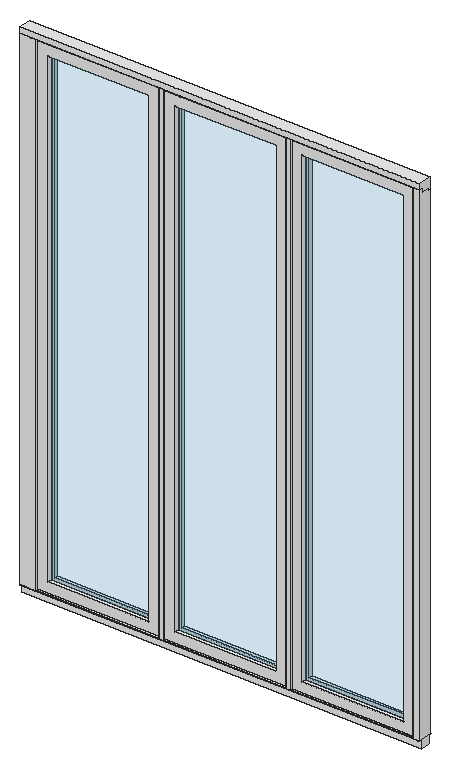
Revit family "Window-NanaWall-SL-73", category Windows, host Wall, Revit 2013 (continued)
Definition of nested family "Right-Jamb_SL-73"
  Definition of nested family "RightJamb_SL73"
    Lines and regions (in)
      model lines, style "DetailComponents", in view "Ref. Level"
        curve 366: line (3.11168, -0.14961, 0) -> (3.11513, -0.14032, 0)
        curve 367: line (3.1069, -0.13806, 0) -> (3.0218, -0.11526, 0)
        curve 368: line (2.99702, -0.13427, 0) -> (2.99702, -0.25591, 0)
        curve 369: line (2.99702, -0.25591, 0) -> (2.20568, -0.25591, 0)
        curve 370: line (2.20568, -0.32677, 0) -> (2.48521, -0.32677, 0)
        curve 371: line (2.48521, -0.32677, 0) -> (2.48521, -0.38583, 0)
        curve 372: line (2.48521, -0.38583, 0) -> (2.41681, -0.39438, 0)
        curve 373: line (2.40647, -0.4061, 0) -> (2.40647, -0.46005, 0)
        curve 374: line (2.41681, -0.47177, 0) -> (2.48521, -0.48031, 0)
        curve 375: line (2.48521, -0.48031, 0) -> (2.48521, -0.53937, 0)
        curve 376: line (2.48521, -0.53937, 0) -> (2.09938, -0.53937, 0)
        curve 377: line (2.08824, -0.5315, 0) -> (2.06395, -0.5315, 0)
        curve 378: line (2.05213, -0.54331, 0) -> (2.05213, -0.57087, 0)
        curve 379: line (2.09151, -0.61024, 0) -> (2.60332, -0.61024, 0)
        curve 380: line (2.60332, -0.61024, 0) -> (2.60332, -1.06685, 0)
        curve 381: line (2.60332, -1.06685, 0) -> (2.66237, -1.08268, 0)
        curve 382: line (2.66237, -1.08268, 0) -> (2.66237, -1.00394, 0)
        curve 383: line (2.66237, -1.00394, 0) -> (2.80017, -1.00394, 0)
        curve 384: line (2.80017, -1.00394, 0) -> (2.80017, -1.20986, 0)
        curve 385: line (2.80017, -1.20986, 0) -> (2.81198, -1.23031, 0)
        curve 386: line (2.81198, -1.23031, 0) -> (2.80017, -1.25077, 0)
        curve 387: line (2.80017, -1.25077, 0) -> (2.80017, -1.50394, 0)
        curve 388: line (2.80017, -1.50394, 0) -> (2.66237, -1.50394, 0)
        curve 389: line (2.66237, -1.50394, 0) -> (2.66237, -1.37795, 0)
        curve 390: line (2.66237, -1.37795, 0) -> (2.60332, -1.39378, 0)
        curve 391: line (2.60332, -1.39378, 0) -> (2.60332, -1.5748, 0)
        curve 392: line (2.60332, -1.5748, 0) -> (3.98127, -1.5748, 0)
        curve 393: line (3.98127, -1.5748, 0) -> (3.98127, -1.43315, 0)
        curve 394: line (3.98127, -1.43315, 0) -> (3.92221, -1.41732, 0)
        curve 395: line (3.92221, -1.41732, 0) -> (3.92221, -1.49606, 0)
        curve 396: line (3.92221, -1.49606, 0) -> (3.78442, -1.49606, 0)
        curve 397: line (3.78442, -1.49606, 0) -> (3.78442, -1.24093, 0)
        curve 398: line (3.78442, -1.24093, 0) -> (3.77261, -1.22047, 0)
        curve 399: line (3.77261, -1.22047, 0) -> (3.78442, -1.20002, 0)
        curve 400: line (3.78442, -1.20002, 0) -> (3.78442, -0.94488, 0)
        curve 401: line (3.78442, -0.94488, 0) -> (3.92221, -0.94488, 0)
        curve 402: line (3.92221, -0.94488, 0) -> (3.92221, -1.02362, 0)
        curve 403: line (3.92221, -1.02362, 0) -> (3.98127, -1.0078, 0)
        curve 404: line (3.98127, -1.0078, 0) -> (3.98127, -0.90945, 0)
        curve 405: line (3.98127, -0.90945, 0) -> (3.93009, -0.85827, 0)
        curve 406: line (3.92404, -0.85827, 0) -> (3.9104, -0.88189, 0)
        curve 407: line (3.9104, -0.88189, 0) -> (3.89676, -0.85827, 0)
        curve 408: line (3.89676, -0.85827, 0) -> (3.86105, -0.85827, 0)
        curve 409: line (3.86105, -0.85827, 0) -> (3.84741, -0.88189, 0)
        curve 410: line (3.84741, -0.88189, 0) -> (3.83377, -0.85827, 0)
        curve 411: line (3.83377, -0.85827, 0) -> (3.79806, -0.85827, 0)
        curve 412: line (3.79806, -0.85827, 0) -> (3.78442, -0.88189, 0)
        curve 413: line (3.78442, -0.88189, 0) -> (3.77078, -0.85827, 0)
        curve 414: line (3.77078, -0.85827, 0) -> (3.73506, -0.85827, 0)
        curve 415: line (3.73506, -0.85827, 0) -> (3.72143, -0.88189, 0)
        curve 416: line (3.72143, -0.88189, 0) -> (3.70779, -0.85827, 0)
        curve 417: line (3.70779, -0.85827, 0) -> (3.67207, -0.85827, 0)
        curve 418: line (3.67207, -0.85827, 0) -> (3.65843, -0.88189, 0)
        curve 419: line (3.65843, -0.88189, 0) -> (3.6448, -0.85827, 0)
        curve 420: line (3.6448, -0.85827, 0) -> (3.60908, -0.85827, 0)
        curve 421: line (3.60908, -0.85827, 0) -> (3.59544, -0.88189, 0)
        curve 422: line (3.59544, -0.88189, 0) -> (3.5818, -0.85827, 0)
        curve 423: line (3.5818, -0.85827, 0) -> (3.56001, -0.85827, 0)
        curve 424: line (3.56001, -0.85827, 0) -> (3.53082, -0.82908, 0)
        curve 425: line (3.51968, -0.82908, 0) -> (3.49049, -0.85827, 0)
        curve 426: line (3.49049, -0.85827, 0) -> (3.4419, -0.85827, 0)
        curve 427: line (3.4419, -0.85827, 0) -> (3.37103, -0.7874, 0)
        curve 428: line (3.37103, -0.7874, 0) -> (3.4419, -0.71654, 0)
        curve 429: line (3.4419, -0.71654, 0) -> (3.49049, -0.71654, 0)
        curve 430: line (3.49049, -0.71654, 0) -> (3.51968, -0.74573, 0)
        curve 431: line (3.53082, -0.74573, 0) -> (3.56001, -0.71654, 0)
        curve 432: line (3.56001, -0.71654, 0) -> (3.6133, -0.71654, 0)
        curve 433: line (3.6133, -0.71654, 0) -> (3.62694, -0.69291, 0)
        curve 434: line (3.62694, -0.69291, 0) -> (3.64058, -0.71654, 0)
        curve 435: line (3.64058, -0.71654, 0) -> (3.67629, -0.71654, 0)
        curve 436: line (3.67629, -0.71654, 0) -> (3.68993, -0.69291, 0)
        curve 437: line (3.68993, -0.69291, 0) -> (3.70357, -0.71654, 0)
        curve 438: line (3.70357, -0.71654, 0) -> (3.73928, -0.71654, 0)
        curve 439: line (3.73928, -0.71654, 0) -> (3.75292, -0.69291, 0)
        curve 440: line (3.75292, -0.69291, 0) -> (3.76656, -0.71654, 0)
        curve 441: line (3.76656, -0.71654, 0) -> (3.80228, -0.71654, 0)
        curve 442: line (3.80228, -0.71654, 0) -> (3.81591, -0.69291, 0)
        curve 443: line (3.81591, -0.69291, 0) -> (3.82955, -0.71654, 0)
        curve 444: line (3.82955, -0.71654, 0) -> (3.86527, -0.71654, 0)
        curve 445: line (3.86527, -0.71654, 0) -> (3.87891, -0.69291, 0)
        curve 446: line (3.87891, -0.69291, 0) -> (3.89254, -0.71654, 0)
        curve 447: line (3.89254, -0.71654, 0) -> (3.93009, -0.71654, 0)
        curve 448: line (3.93009, -0.71654, 0) -> (3.98127, -0.66535, 0)
        curve 449: line (3.98127, -0.66535, 0) -> (3.98127, -0.2874, 0)
        curve 450: line (3.94977, -0.25591, 0) -> (3.94977, -0.13427, 0)
        curve 451: line (3.32927, -0.82916, 0) -> (3.34446, -0.84435, 0)
        curve 452: line (3.33054, -0.87795, 0) -> (3.12694, -0.87795, 0)
        curve 453: line (3.06788, -0.93701, 0) -> (3.06788, -0.97638, 0)
        curve 454: line (3.10725, -1.01575, 0) -> (3.12694, -1.01575, 0)
        curve 455: line (3.12694, -1.01575, 0) -> (3.12694, -0.93701, 0)
        curve 456: line (3.12694, -0.93701, 0) -> (3.71355, -0.93701, 0)
        curve 457: line (3.71355, -0.93701, 0) -> (3.71355, -1.49606, 0)
        curve 458: line (3.71355, -1.49606, 0) -> (3.12694, -1.49606, 0)
        curve 459: line (3.12694, -1.49606, 0) -> (3.12694, -1.41732, 0)
        curve 460: line (3.12694, -1.41732, 0) -> (3.10725, -1.41732, 0)
        curve 461: line (3.06788, -1.45669, 0) -> (3.06788, -1.49606, 0)
        curve 462: line (3.06788, -1.49606, 0) -> (2.87103, -1.49606, 0)
        curve 463: line (2.87103, -1.49606, 0) -> (2.87103, -1.00394, 0)
        curve 464: line (2.80017, -0.93307, 0) -> (2.67418, -0.93307, 0)
        curve 465: line (2.67418, -0.93307, 0) -> (2.67418, -0.61024, 0)
        curve 466: line (2.60332, -0.53937, 0) -> (2.55607, -0.53937, 0)
        curve 467: line (2.55607, -0.53937, 0) -> (2.55607, -0.32677, 0)
        curve 468: line (2.55607, -0.32677, 0) -> (3.9104, -0.32677, 0)
        curve 469: line (3.9104, -0.32677, 0) -> (3.9104, -0.63386, 0)
        curve 470: line (3.9104, -0.63386, 0) -> (3.59284, -0.63386, 0)
        curve 471: line (3.59284, -0.63386, 0) -> (3.5792, -0.65748, 0)
        curve 472: line (3.5792, -0.65748, 0) -> (3.41744, -0.65748, 0)
        curve 473: line (3.41744, -0.65748, 0) -> (3.32927, -0.74564, 0)
        curve 474: line (3.95273, 0.32328, 0) -> (3.95273, -0.04769, 0)
        curve 475: line (3.88186, 0.00914, 0) -> (3.88186, 0.26645, 0)
        curve 476: line (3.87595, 0.52362, 0) -> (3.87595, 0.50236, 0)
        curve 477: line (3.87595, 0.50236, 0) -> (3.83166, 0.42565, 0)
        curve 478: line (3.83166, -0.15006, 0) -> (3.87595, -0.22677, 0)
        curve 479: line (3.87595, -0.22677, 0) -> (3.87595, -0.24803, 0)
        curve 480: line (3.88966, 0.51969, 0) -> (3.83166, 0.42565, 0)
        curve 481: line (3.83166, 0.42565, 0) -> (3.83166, 0.41591, 0)
        curve 482: line (3.70863, -0.24803, 0) -> (3.70863, -0.22677, 0)
        curve 483: line (3.70863, -0.22677, 0) -> (3.75292, -0.15006, 0)
        curve 484: line (3.75292, 0.38636, 0) -> (3.75292, 0.42565, 0)
        curve 485: line (3.75292, 0.42565, 0) -> (3.70863, 0.50236, 0)
        curve 486: line (3.70863, 0.50236, 0) -> (3.70863, 0.52362, 0)
        curve 487: line (3.84151, 0.39886, 0) -> (3.94288, 0.34033, 0)
        curve 488: line (3.86217, 0.30055, 0) -> (3.77261, 0.35226, 0)
        curve 489: line (3.71651, 0.5315, 0) -> (3.86808, 0.5315, 0)
        curve 490: line (3.86808, -0.25591, 0) -> (3.71651, -0.25591, 0)
        curve 491: line (3.77261, -0.07667, 0) -> (3.86217, -0.02496, 0)
        curve 492: line (3.94288, -0.06474, 0) -> (3.84151, -0.12327, 0)
        curve 493: line (3.23816, 0.52362, 0) -> (3.23816, 0.50236, 0)
        curve 494: line (3.23816, 0.50236, 0) -> (3.19387, 0.42565, 0)
        curve 495: line (3.19387, 0.42565, 0) -> (3.25187, 0.51969, 0)
        curve 496: line (3.19387, -0.15006, 0) -> (3.23816, -0.22677, 0)
        curve 497: line (3.23816, -0.22677, 0) -> (3.23816, -0.24803, 0)
        curve 498: line (3.19387, 0.42565, 0) -> (3.19387, 0.38636, 0)
        curve 499: line (3.07084, -0.24803, 0) -> (3.07084, -0.22677, 0)
        curve 500: line (3.07084, -0.22677, 0) -> (3.11513, -0.15006, 0)
        curve 501: line (3.11513, 0.41591, 0) -> (3.11513, 0.42565, 0)
        curve 502: line (3.11513, 0.42565, 0) -> (3.07084, 0.50236, 0)
        curve 503: line (3.07084, 0.50236, 0) -> (3.07084, 0.52362, 0)
        curve 504: line (3.06493, 0.26645, 0) -> (3.06493, 0.00914, 0)
        curve 505: line (2.99406, -0.04769, 0) -> (2.99406, 0.32328, 0)
        curve 506: line (3.07871, 0.5315, 0) -> (3.23028, 0.5315, 0)
        curve 507: line (3.08462, -0.02496, 0) -> (3.17418, -0.07667, 0)
        curve 508: line (3.10528, -0.12327, 0) -> (3.00391, -0.06474, 0)
        curve 509: line (3.23028, -0.25591, 0) -> (3.07871, -0.25591, 0)
        curve 510: line (3.00391, 0.34033, 0) -> (3.10528, 0.39886, 0)
        curve 511: line (3.17418, 0.35226, 0) -> (3.08462, 0.30055, 0)
        curve 512: line (3.51968, 0.82908, 0) -> (3.49049, 0.85827, 0)
        curve 513: line (3.49049, 0.85827, 0) -> (3.4419, 0.85827, 0)
        curve 514: line (3.4419, 0.85827, 0) -> (3.37103, 0.7874, 0)
        curve 515: line (3.37103, 0.7874, 0) -> (3.4419, 0.71654, 0)
        curve 516: line (3.4419, 0.71654, 0) -> (3.49049, 0.71654, 0)
        curve 517: line (3.49049, 0.71654, 0) -> (3.51968, 0.74573, 0)
        curve 518: line (3.53082, 0.74573, 0) -> (3.56001, 0.71654, 0)
        curve 519: line (3.56001, 0.71654, 0) -> (3.6133, 0.71654, 0)
        curve 520: line (3.6133, 0.71654, 0) -> (3.62694, 0.69291, 0)
        curve 521: line (3.62694, 0.69291, 0) -> (3.64058, 0.71654, 0)
        curve 522: line (3.64058, 0.71654, 0) -> (3.67629, 0.71654, 0)
        curve 523: line (3.67629, 0.71654, 0) -> (3.68993, 0.69291, 0)
        curve 524: line (3.68993, 0.69291, 0) -> (3.70357, 0.71654, 0)
        curve 525: line (3.70357, 0.71654, 0) -> (3.73928, 0.71654, 0)
        curve 526: line (3.73928, 0.71654, 0) -> (3.75292, 0.69291, 0)
        curve 527: line (3.75292, 0.69291, 0) -> (3.76656, 0.71654, 0)
        curve 528: line (3.76656, 0.71654, 0) -> (3.80228, 0.71654, 0)
        curve 529: line (3.80228, 0.71654, 0) -> (3.81591, 0.69291, 0)
        curve 530: line (3.81591, 0.69291, 0) -> (3.82955, 0.71654, 0)
        curve 531: line (3.82955, 0.71654, 0) -> (3.86527, 0.71654, 0)
        curve 532: line (3.86527, 0.71654, 0) -> (3.87891, 0.69291, 0)
        curve 533: line (3.87891, 0.69291, 0) -> (3.89254, 0.71654, 0)
        curve 534: line (3.89254, 0.71654, 0) -> (3.93009, 0.71654, 0)
        curve 535: line (3.93009, 0.71654, 0) -> (3.98127, 0.66535, 0)
        curve 536: line (3.98127, 0.66535, 0) -> (3.98127, 0.56299, 0)
        curve 537: line (3.94977, 0.5315, 0) -> (3.94977, 0.40987, 0)
        curve 538: line (3.92499, 0.39085, 0) -> (3.83989, 0.41365, 0)
        curve 539: line (3.88284, 0.5315, 0) -> (3.70174, 0.5315, 0)
        curve 540: line (3.69492, 0.51969, 0) -> (3.74947, 0.4252, 0)
        curve 541: line (3.74266, 0.41339, 0) -> (3.6881, 0.41339, 0)
        curve 542: line (3.65401, 0.43307, 0) -> (3.59718, 0.5315, 0)
        curve 543: line (3.59718, 0.5315, 0) -> (3.34961, 0.5315, 0)
        curve 544: line (3.34961, 0.5315, 0) -> (3.29278, 0.43307, 0)
        curve 545: line (3.25869, 0.41339, 0) -> (3.20413, 0.41339, 0)
        curve 546: line (3.24505, 0.5315, 0) -> (3.06395, 0.5315, 0)
        curve 547: line (3.05713, 0.51969, 0) -> (3.11168, 0.4252, 0)
        curve 548: line (3.1069, 0.41365, 0) -> (3.0218, 0.39085, 0)
        curve 549: line (2.99702, 0.40987, 0) -> (2.99702, 0.5315, 0)
        curve 550: line (2.99702, 0.5315, 0) -> (2.20568, 0.5315, 0)
        curve 551: line (2.20568, 0.60236, 0) -> (2.48521, 0.60236, 0)
        curve 552: line (2.48521, 0.60236, 0) -> (2.48521, 0.66142, 0)
        curve 553: line (2.48521, 0.66142, 0) -> (2.41681, 0.66997, 0)
        curve 554: line (2.40647, 0.68169, 0) -> (2.40647, 0.73564, 0)
        curve 555: line (2.41681, 0.74736, 0) -> (2.48521, 0.75591, 0)
        curve 556: line (2.48521, 0.75591, 0) -> (2.48521, 0.81496, 0)
        curve 557: line (2.48521, 0.81496, 0) -> (2.09938, 0.81496, 0)
        curve 558: line (2.08824, 0.80709, 0) -> (2.06395, 0.80709, 0)
        curve 559: line (2.05213, 0.8189, 0) -> (2.05213, 0.84646, 0)
        curve 560: line (2.09151, 0.88583, 0) -> (3.06788, 0.88583, 0)
        curve 561: line (3.06788, 0.88583, 0) -> (3.06788, 1.04253, 0)
        curve 562: line (3.06788, 1.04253, 0) -> (3.07969, 1.06299, 0)
        curve 563: line (3.07969, 1.06299, 0) -> (3.06788, 1.08345, 0)
        curve 564: line (3.06788, 1.08345, 0) -> (3.06788, 1.49606, 0)
        curve 565: line (3.06788, 1.49606, 0) -> (2.06395, 1.49606, 0)
        curve 566: line (2.06395, 1.49606, 0) -> (2.06395, 1.42913, 0)
        curve 567: line (2.00489, 1.37008, 0) -> (1.92615, 1.37008, 0)
        curve 568: line (1.92615, 1.37008, 0) -> (1.92615, 1.40945, 0)
        curve 569: line (1.92615, 1.40945, 0) -> (2.00489, 1.40945, 0)
        curve 570: line (2.00489, 1.40945, 0) -> (2.00489, 1.49606, 0)
        curve 571: line (2.00489, 1.49606, 0) -> (1.61906, 1.49606, 0)
        curve 572: line (1.50155, 1.38976, 0) -> (1.59938, 1.38976, 0)
        curve 573: line (1.59938, 1.38976, 0) -> (1.59938, 1.40945, 0)
        curve 574: line (1.59938, 1.40945, 0) -> (1.65843, 1.40945, 0)
        curve 575: line (1.65843, 1.40945, 0) -> (1.65843, 1.38976, 0)
        curve 576: line (1.71749, 1.33071, 0) -> (1.71749, 1.27953, 0)
        curve 577: line (1.67812, 1.24016, 0) -> (1.65056, 1.24016, 0)
        curve 578: line (1.63088, 1.25984, 0) -> (1.63088, 1.27953, 0)
        curve 579: line (1.63088, 1.27953, 0) -> (1.67812, 1.27953, 0)
        curve 580: line (1.67812, 1.27953, 0) -> (1.67812, 1.33071, 0)
        curve 581: line (1.67812, 1.33071, 0) -> (1.46158, 1.33071, 0)
        curve 582: line (1.46158, 1.33071, 0) -> (1.46158, 1.27953, 0)
        curve 583: line (1.46158, 1.27953, 0) -> (1.50883, 1.27953, 0)
        curve 584: line (1.50883, 1.27953, 0) -> (1.50883, 1.25984, 0)
        curve 585: line (1.48914, 1.24016, 0) -> (1.42221, 1.24016, 0)
        curve 586: line (1.42221, 1.24016, 0) -> (1.42221, 1.37795, 0)
        curve 587: line (1.61906, 1.5748, 0) -> (3.98127, 1.5748, 0)
        curve 588: line (3.98127, 1.5748, 0) -> (3.98127, 1.45675, 0)
        curve 589: line (3.98127, 1.45675, 0) -> (3.92221, 1.44093, 0)
        curve 590: line (3.92221, 1.44093, 0) -> (3.92221, 1.51967, 0)
        curve 591: line (3.92221, 1.51967, 0) -> (3.78442, 1.51967, 0)
        curve 592: line (3.78442, 1.51967, 0) -> (3.78442, 1.24093, 0)
        curve 593: line (3.78442, 1.24093, 0) -> (3.77261, 1.22047, 0)
        curve 594: line (3.77261, 1.22047, 0) -> (3.78442, 1.20002, 0)
        curve 595: line (3.78442, 1.20002, 0) -> (3.78442, 0.94488, 0)
        curve 596: line (3.78442, 0.94488, 0) -> (3.92221, 0.94488, 0)
        curve 597: line (3.92221, 0.94488, 0) -> (3.92221, 1.02362, 0)
        curve 598: line (3.92221, 1.02362, 0) -> (3.98127, 1.0078, 0)
        curve 599: line (3.98127, 1.0078, 0) -> (3.98127, 0.90945, 0)
        curve 600: line (3.98127, 0.90945, 0) -> (3.93009, 0.85827, 0)
        curve 601: line (3.92404, 0.85827, 0) -> (3.9104, 0.88189, 0)
        curve 602: line (3.9104, 0.88189, 0) -> (3.89676, 0.85827, 0)
        curve 603: line (3.89676, 0.85827, 0) -> (3.86105, 0.85827, 0)
        curve 604: line (3.86105, 0.85827, 0) -> (3.84741, 0.88189, 0)
        curve 605: line (3.84741, 0.88189, 0) -> (3.83377, 0.85827, 0)
        curve 606: line (3.83377, 0.85827, 0) -> (3.79806, 0.85827, 0)
        curve 607: line (3.79806, 0.85827, 0) -> (3.78442, 0.88189, 0)
        curve 608: line (3.78442, 0.88189, 0) -> (3.77078, 0.85827, 0)
        curve 609: line (3.77078, 0.85827, 0) -> (3.73506, 0.85827, 0)
        curve 610: line (3.73506, 0.85827, 0) -> (3.72143, 0.88189, 0)
        curve 611: line (3.72143, 0.88189, 0) -> (3.70779, 0.85827, 0)
        curve 612: line (3.70779, 0.85827, 0) -> (3.67207, 0.85827, 0)
        curve 613: line (3.67207, 0.85827, 0) -> (3.65843, 0.88189, 0)
        curve 614: line (3.65843, 0.88189, 0) -> (3.6448, 0.85827, 0)
        curve 615: line (3.6448, 0.85827, 0) -> (3.60908, 0.85827, 0)
        curve 616: line (3.60908, 0.85827, 0) -> (3.59544, 0.88189, 0)
        curve 617: line (3.59544, 0.88189, 0) -> (3.5818, 0.85827, 0)
        curve 618: line (3.5818, 0.85827, 0) -> (3.56001, 0.85827, 0)
        curve 619: line (3.56001, 0.85827, 0) -> (3.53082, 0.82908, 0)
        curve 620: line (0.88499, -0.40292, 0) -> (1.01885, -0.40292, 0)
        curve 621: line (1.01885, -0.40292, 0) -> (0.88499, -0.40292, 0)
        curve 622: line (0.88499, -0.40292, 0) -> (0.85039, -0.40292, 0)
        curve 623: line (0.88499, 0.54196, 0) -> (1.01885, 0.54196, 0)
        curve 624: line (0.86924, -0.38717, 0) -> (0.86924, -0.373, 0)
        curve 625: line (0.86924, -0.373, 0) -> (0.88358, -0.34817, 0)
        curve 626: line (0.88358, -0.34817, 0) -> (0.89621, -0.3263, 0)
        curve 627: line (0.89792, -0.32332, 0) -> (0.90236, -0.31563, 0)
        curve 628: line (0.90236, -0.31563, 0) -> (0.90622, -0.30895, 0)
        curve 629: line (0.91255, -0.28533, 0) -> (0.91255, 0.42437, 0)
        curve 630: line (0.90622, 0.44799, 0) -> (0.90236, 0.45467, 0)
        curve 631: line (0.90236, 0.45467, 0) -> (0.89792, 0.46236, 0)
        curve 632: line (0.89621, 0.46534, 0) -> (0.88358, 0.48721, 0)
        curve 633: line (0.88358, 0.48721, 0) -> (0.86924, 0.51204, 0)
        curve 634: line (0.86924, 0.51204, 0) -> (0.86924, 0.52621, 0)
        curve 635: line (1.00868, 0.45928, 0) -> (1.0346, 0.51204, 0)
        curve 636: line (1.0346, 0.51204, 0) -> (1.0346, 0.52621, 0)
        curve 637: line (0.99762, 0.44799, 0) -> (1.00527, 0.46125, 0)
        curve 638: line (1.00527, 0.46125, 0) -> (1.0346, 0.51204, 0)
        curve 639: line (1.03937, 0.51243, 0) -> (1.03937, 0.54196, 0)
        curve 640: line (1.03937, 0.54196, 0) -> (1.01885, 0.54196, 0)
        curve 641: line (1.01885, 0.54196, 0) -> (0.88499, 0.54196, 0)
        curve 642: line (0.88499, 0.54196, 0) -> (0.85039, 0.54196, 0)
        curve 643: line (0.99129, -0.28533, 0) -> (0.99129, 0.42437, 0)
        curve 644: line (1.0346, -0.38717, 0) -> (1.0346, -0.373, 0)
        curve 645: line (1.0346, -0.373, 0) -> (1.00527, -0.32221, 0)
        curve 646: line (1.00527, -0.32221, 0) -> (0.99762, -0.30895, 0)
        curve 647: line (1.61501, -0.40292, 0) -> (1.48115, -0.40292, 0)
        curve 648: line (1.61501, 0.54196, 0) -> (1.48115, 0.54196, 0)
        curve 649: line (1.48115, 0.54196, 0) -> (1.61501, 0.54196, 0)
        curve 650: line (1.61501, 0.54196, 0) -> (1.64961, 0.54196, 0)
        curve 651: line (1.4654, -0.38717, 0) -> (1.4654, -0.373, 0)
        curve 652: line (1.4654, -0.373, 0) -> (1.49473, -0.32221, 0)
        curve 653: line (1.49473, -0.32221, 0) -> (1.49813, -0.31631, 0)
        curve 654: line (1.49813, -0.31631, 0) -> (1.50238, -0.30895, 0)
        curve 655: line (1.50871, -0.28533, 0) -> (1.50871, 0.42437, 0)
        curve 656: line (1.50238, 0.44799, 0) -> (1.49473, 0.46125, 0)
        curve 657: line (1.49473, 0.46125, 0) -> (1.4654, 0.51204, 0)
        curve 658: line (1.4654, 0.51204, 0) -> (1.4654, 0.52621, 0)
        curve 659: line (1.59378, 0.44799, 0) -> (1.59764, 0.45467, 0)
        curve 660: line (1.59764, 0.45467, 0) -> (1.60208, 0.46236, 0)
        curve 661: line (1.60379, 0.46534, 0) -> (1.61642, 0.48721, 0)
        curve 662: line (1.61642, 0.48721, 0) -> (1.63076, 0.51204, 0)
        curve 663: line (1.63076, 0.51204, 0) -> (1.63076, 0.52621, 0)
        curve 664: line (1.58745, -0.28533, 0) -> (1.58745, 0.42437, 0)
        curve 665: line (1.63076, -0.38717, 0) -> (1.63076, -0.373, 0)
        curve 666: line (1.63076, -0.373, 0) -> (1.61642, -0.34817, 0)
        curve 667: line (1.61642, -0.34817, 0) -> (1.60379, -0.3263, 0)
        curve 668: line (1.60208, -0.32332, 0) -> (1.59764, -0.31563, 0)
        curve 669: line (1.59764, -0.31563, 0) -> (1.59378, -0.30895, 0)
        curve 670: line (1.05118, 0.44353, 0) -> (1.00868, 0.44353, 0)
        curve 671: line (0.87794, 0.48396, 0) -> (0.89057, 0.46208, 0)
        curve 672: line (0.89655, 0.44766, 0) -> (0.84145, 0.4329, 0)
        curve 673: line (0.8327, 0.42149, 0) -> (0.8327, 0.36479, 0)
        curve 674: line (0.8327, 0.36479, 0) -> (0.82483, 0.36479, 0)
        curve 675: line (0.78987, 0.41055, 0) -> (0.78214, 0.41828, 0)
        curve 676: line (0.78214, 0.41828, 0) -> (0.78842, 0.52238, 0)
        curve 677: line (0.83654, 0.69917, 0) -> (0.7874, 0.686, 0)
        curve 678: line (0.7874, 0.686, 0) -> (0.7874, 0.53895, 0)
        curve 679: line (0.27559, 1.1207, 0) -> (0.7874, 1.1207, 0)
        curve 680: line (0.7874, 1.1207, 0) -> (0.7874, 0.9829, 0)
        curve 681: line (0.7874, 0.9829, 0) -> (0.82677, 0.9829, 0)
        curve 682: line (0.82677, 0.9829, 0) -> (0.84646, 1.1207, 0)
        curve 683: line (0.84646, 1.1207, 0) -> (0.98031, 1.1207, 0)
        curve 684: line (0.98031, 1.1207, 0) -> (0.98031, 0.6207, 0)
        curve 685: line (0.98031, 0.6207, 0) -> (0.84646, 0.6207, 0)
        curve 686: line (0.84646, 0.6207, 0) -> (0.84646, 0.69157, 0)
        curve 687: line (0.09072, 0.90416, 0) -> (0.40551, 0.90416, 0)
        curve 688: line (0.46457, 0.84511, 0) -> (0.46457, 0.76637, 0)
        curve 689: line (0.09843, 0.71913, 0) -> (0, 0.71913, 0)
        curve 690: line (0, 0.71913, 0) -> (0, 0.91598, 0)
        curve 691: line (0.27559, 1.19157, 0) -> (1.7126, 1.19157, 0)
        curve 692: line (1.66346, 0.99498, 0) -> (1.7126, 1.00815, 0)
        curve 693: line (1.65354, 0.69157, 0) -> (1.65354, 0.6207, 0)
        curve 694: line (1.65354, 0.6207, 0) -> (1.51969, 0.6207, 0)
        curve 695: line (1.51969, 0.6207, 0) -> (1.51969, 1.1207, 0)
        curve 696: line (1.51969, 1.1207, 0) -> (1.65354, 1.1207, 0)
        curve 697: line (1.65354, 1.1207, 0) -> (1.65354, 1.00259, 0)
        curve 698: line (1.7126, 0.53895, 0) -> (1.7126, 0.686, 0)
        curve 699: line (1.7126, 0.686, 0) -> (1.66346, 0.69917, 0)
        curve 700: line (1.71158, 0.52238, 0) -> (1.72014, 0.42454, 0)
        curve 701: line (1.72014, 0.42454, 0) -> (1.71013, 0.41055, 0)
        curve 702: line (1.67517, 0.36479, 0) -> (1.6673, 0.36479, 0)
        curve 703: line (1.6673, 0.36479, 0) -> (1.6673, 0.42149, 0)
        curve 704: line (1.65855, 0.4329, 0) -> (1.60345, 0.44766, 0)
        curve 705: line (1.60943, 0.46208, 0) -> (1.62206, 0.48396, 0)
        curve 706: line (1.48115, 0.54196, 0) -> (1.46063, 0.54196, 0)
        curve 707: line (1.46063, 0.54196, 0) -> (1.46063, 0.51243, 0)
        curve 708: line (1.46199, 0.51007, 0) -> (1.49132, 0.45928, 0)
        curve 709: line (1.49132, 0.44353, 0) -> (1.44882, 0.44353, 0)
        curve 710: line (1.38189, 0.51046, 0) -> (1.38189, 0.54196, 0)
        curve 711: line (1.38189, 0.54196, 0) -> (1.11811, 0.54196, 0)
        curve 712: line (1.11811, 0.54196, 0) -> (1.11811, 0.51046, 0)
        curve 713: line (1.45276, 0.6207, 0) -> (1.04724, 0.6207, 0)
        curve 714: line (1.04724, 0.6207, 0) -> (1.04724, 1.1207, 0)
        curve 715: line (1.04724, 1.1207, 0) -> (1.45276, 1.1207, 0)
        curve 716: line (1.45276, 1.1207, 0) -> (1.45276, 0.6207, 0)
        curve 717: line (0.83654, -0.56013, 0) -> (0.7874, -0.54697, 0)
        curve 718: line (0.7874, -0.54697, 0) -> (0.7874, -0.39991, 0)
        curve 719: line (1.7126, -0.39991, 0) -> (1.7126, -0.44229, 0)
        curve 720: line (1.60943, -0.32305, 0) -> (1.62206, -0.34492, 0)
        curve 721: line (1.65855, -0.29386, 0) -> (1.60345, -0.30862, 0)
        curve 722: line (1.67517, -0.22576, 0) -> (1.6673, -0.22576, 0)
        curve 723: line (1.6673, -0.22576, 0) -> (1.6673, -0.28245, 0)
        curve 724: line (1.71158, -0.38334, 0) -> (1.71786, -0.27924, 0)
        curve 725: line (1.71786, -0.27924, 0) -> (1.71013, -0.27151, 0)
        curve 726: line (1.67323, -0.48166, 0) -> (1.51969, -0.48166, 0)
        curve 727: line (1.51969, -0.48166, 0) -> (1.51969, -0.73757, 0)
        curve 728: line (1.51969, -0.73757, 0) -> (1.7874, -0.73757, 0)
        curve 729: line (2.00394, -0.75725, 0) -> (2.00394, -0.77694, 0)
        curve 730: line (2.00394, -0.77694, 0) -> (2.04331, -0.77694, 0)
        curve 731: line (2.04331, -0.77694, 0) -> (2.04331, -0.93442, 0)
        curve 732: line (2.04331, -0.93442, 0) -> (1.76772, -0.93442, 0)
        curve 733: line (1.76772, -0.93442, 0) -> (1.76772, -0.77694, 0)
        curve 734: line (1.76772, -0.77694, 0) -> (1.80709, -0.77694, 0)
        curve 735: line (1.80709, -0.77694, 0) -> (1.80709, -0.75885, 0)
        curve 736: line (2.02362, -0.73757, 0) -> (2.07087, -0.73757, 0)
        curve 737: line (2.11024, -0.77694, 0) -> (2.11024, -0.93442, 0)
        curve 738: line (2.11024, -0.93442, 0) -> (2.25619, -0.93442, 0)
        curve 739: line (2.25401, -1.07194, 0) -> (2.30315, -1.05878, 0)
        curve 740: line (2.30315, -1.05878, 0) -> (2.29541, -0.97036, 0)
        curve 741: line (2.24409, -1.37536, 0) -> (2.24409, -1.49347, 0)
        curve 742: line (2.24409, -1.49347, 0) -> (2.11024, -1.49347, 0)
        curve 743: line (2.11024, -1.49347, 0) -> (2.11024, -0.99347, 0)
        curve 744: line (2.11024, -0.99347, 0) -> (2.24409, -0.99347, 0)
        curve 745: line (2.24409, -0.99347, 0) -> (2.24409, -1.06434, 0)
        curve 746: line (2.30315, -1.38093, 0) -> (2.25401, -1.36776, 0)
        curve 747: line (2.30315, -1.56434, 0) -> (0.7874, -1.56434, 0)
        curve 748: line (0.7874, -1.56434, 0) -> (0.7874, -1.42268, 0)
        curve 749: line (0.7874, -1.42268, 0) -> (0.84646, -1.40686, 0)
        curve 750: line (0.84646, -1.40686, 0) -> (0.84646, -1.4856, 0)
        curve 751: line (0.84646, -1.4856, 0) -> (0.98425, -1.4856, 0)
        curve 752: line (0.98425, -1.4856, 0) -> (0.98425, -0.93442, 0)
        curve 753: line (0.98425, -0.93442, 0) -> (0.84646, -0.93442, 0)
        curve 754: line (0.84646, -0.93442, 0) -> (0.84646, -1.01316, 0)
        curve 755: line (0.84646, -1.01316, 0) -> (0.7874, -0.99733, 0)
        curve 756: line (0.7874, -0.99733, 0) -> (0.7874, -0.81006, 0)
        curve 757: line (0.7874, -0.81006, 0) -> (0.83654, -0.79689, 0)
        curve 758: line (0.84646, -0.55253, 0) -> (0.84646, -0.48166, 0)
        curve 759: line (0.84646, -0.48166, 0) -> (0.98031, -0.48166, 0)
        curve 760: line (0.98031, -0.48166, 0) -> (0.98031, -0.87536, 0)
        curve 761: line (0.98031, -0.87536, 0) -> (0.84646, -0.87536, 0)
        curve 762: line (0.84646, -0.87536, 0) -> (0.84646, -0.8045, 0)
        curve 763: line (0.78842, -0.38334, 0) -> (0.77986, -0.2855, 0)
        curve 764: line (0.77986, -0.2855, 0) -> (0.78987, -0.27151, 0)
        curve 765: line (0.82483, -0.22576, 0) -> (0.8327, -0.22576, 0)
        curve 766: line (0.8327, -0.22576, 0) -> (0.8327, -0.28245, 0)
        curve 767: line (0.84145, -0.29386, 0) -> (0.89655, -0.30862, 0)
        curve 768: line (0.89057, -0.32305, 0) -> (0.87794, -0.34492, 0)
        curve 769: line (1.01885, -0.40292, 0) -> (1.03937, -0.40292, 0)
        curve 770: line (1.03937, -0.40292, 0) -> (1.03937, -0.37339, 0)
        curve 771: line (1.03801, -0.37103, 0) -> (1.00868, -0.32024, 0)
        curve 772: line (1.00868, -0.3045, 0) -> (1.05118, -0.3045, 0)
        curve 773: line (1.11811, -0.37143, 0) -> (1.11811, -0.40292, 0)
        curve 774: line (1.11811, -0.40292, 0) -> (1.38189, -0.40292, 0)
        curve 775: line (1.38189, -0.40292, 0) -> (1.38189, -0.37143, 0)
        curve 776: line (1.49132, -0.3045, 0) -> (1.44882, -0.3045, 0)
        curve 777: line (1.49132, -0.32024, 0) -> (1.46063, -0.37339, 0)
        curve 778: line (1.46199, -0.37103, 0) -> (1.46063, -0.40292, 0)
        curve 779: line (1.46063, -0.40292, 0) -> (1.48115, -0.40292, 0)
        curve 780: line (1.48115, -0.40292, 0) -> (1.61501, -0.40292, 0)
        curve 781: line (1.61501, -0.40292, 0) -> (1.64961, -0.40292, 0)
        curve 782: line (1.76772, -1.00135, 0) -> (2.04331, -1.00135, 0)
        curve 783: line (2.04331, -1.00135, 0) -> (2.04331, -1.49347, 0)
        curve 784: line (2.04331, -1.49347, 0) -> (1.51969, -1.49347, 0)
        curve 785: line (1.51969, -1.49347, 0) -> (1.51969, -1.4541, 0)
        curve 786: line (1.51969, -0.8045, 0) -> (1.70079, -0.8045, 0)
        curve 787: line (1.70079, -0.8045, 0) -> (1.70079, -0.93442, 0)
        curve 788: line (1.48031, -1.41473, 0) -> (1.45276, -1.41473, 0)
        curve 789: line (1.45276, -1.41473, 0) -> (1.45276, -1.49347, 0)
        curve 790: line (1.45276, -1.49347, 0) -> (1.04724, -1.49347, 0)
        curve 791: line (1.04724, -1.49347, 0) -> (1.04724, -0.48166, 0)
        curve 792: line (1.04724, -0.48166, 0) -> (1.45276, -0.48166, 0)
        curve 793: line (1.45276, -0.48166, 0) -> (1.45276, -0.73757, 0)
        curve 794: line (0.41732, 0.7585, 0) -> (0.37795, 0.7585, 0)
        curve 795: line (0.37795, 0.7585, 0) -> (0.37795, 0.71913, 0)
        curve 796: line (0.41732, 0.71913, 0) -> (0.37795, 0.71913, 0)
        curve 797: line (0.37795, 0.71913, 0) -> (0.37795, 0.7585, 0)
        curve 798: line (0.37795, 0.7585, 0) -> (0.41732, 0.7585, 0)
        curve 799: line (0.41732, 0.7585, 0) -> (0.41732, 0.83724, 0)
        curve 800: line (0.41732, 0.83724, 0) -> (0.05906, 0.83724, 0)
        curve 801: line (0.05906, 0.83724, 0) -> (0.05906, 0.7585, 0)
        curve 802: line (0.05906, 0.7585, 0) -> (0.09843, 0.7585, 0)
        curve 803: line (0.09843, 0.7585, 0) -> (0.09843, 0.71913, 0)
        curve 804: line (0.09843, 0.71913, 0) -> (0.09843, 0.7585, 0)
        curve 805: line (0.09843, 0.7585, 0) -> (0.05906, 0.7585, 0)
        curve 806: line (0.68898, 0.52238, 0) -> (0.68898, -0.13903, 0)
        curve 807: line (0.68898, 0.6149, 0) -> (0.7874, -0.72733, 0)
        curve 808: line (0.7874, -0.72733, 0) -> (0.7874, 0.6149, 0)
        curve 809: line (0.7874, 0.6149, 0) -> (0.68898, 0.6149, 0)
        curve 810: line (0.68898, 0.6149, 0) -> (0.68898, -0.1919, 0)
        curve 811: line (0.68898, -0.1919, 0) -> (0.68898, -0.72733, 0)
        curve 812: line (0.68898, -0.72733, 0) -> (0.7874, 0.6149, 0)
        curve 813: line (0.7874, -0.72733, 0) -> (0.68898, -0.72733, 0)
        curve 814: line (0.58525, 0.48678, 0) -> (0.53153, 0.54049, 0)
        curve 815: line (0.51032, 0.54049, 0) -> (0.45661, 0.48678, 0)
        curve 816: line (0.43539, 0.48678, 0) -> (0.38168, 0.54049, 0)
        curve 817: line (0.36047, 0.54049, 0) -> (0.30676, 0.48678, 0)
        curve 818: line (0.28554, 0.48678, 0) -> (0.23183, 0.54049, 0)
        curve 819: line (0.21062, 0.54049, 0) -> (0.1569, 0.48678, 0)
        curve 820: line (0.13569, 0.48678, 0) -> (0.08198, 0.54049, 0)
        curve 821: line (0.06076, 0.54049, 0) -> (0.00705, 0.48678, 0)
        curve 822: line (-0.01416, 0.48678, 0) -> (-0.06788, 0.54049, 0)
        curve 823: line (-0.08909, 0.54049, 0) -> (-0.1578, 0.47178, 0)
        curve 824: line (-0.18281, 0.48659, 0) -> (-0.09369, 0.79739, 0)
        curve 825: line (-0.06485, 0.81912, 0) -> (-0.005, 0.81912, 0)
        curve 826: line (-0.005, 0.81912, 0) -> (-0.005, 0.71912, 0)
        curve 827: line (-0.005, 0.71912, 0) -> (0.10843, 0.71912, 0)
        curve 828: line (0.10843, 0.71912, 0) -> (0.10843, 0.76849, 0)
        curve 829: line (0.10843, 0.76849, 0) -> (0.08343, 0.76849, 0)
        curve 830: line (0.07524, 0.78423, 0) -> (0.10885, 0.83223, 0)
        curve 831: line (0.10885, 0.83223, 0) -> (0.15346, 0.83223, 0)
        curve 832: line (0.15346, 0.83223, 0) -> (0.18183, 0.72636, 0)
        curve 833: line (0.21081, 0.70412, 0) -> (0.26557, 0.70412, 0)
        curve 834: line (0.29455, 0.72636, 0) -> (0.32292, 0.83223, 0)
        curve 835: line (0.32292, 0.83223, 0) -> (0.36753, 0.83223, 0)
        curve 836: line (0.36753, 0.83223, 0) -> (0.40115, 0.78423, 0)
        curve 837: line (0.39295, 0.76849, 0) -> (0.36795, 0.76849, 0)
        curve 838: line (0.36795, 0.76849, 0) -> (0.36795, 0.71912, 0)
        curve 839: line (0.36795, 0.71912, 0) -> (0.48457, 0.71912, 0)
        curve 840: line (0.48457, 0.71912, 0) -> (0.48457, 0.80912, 0)
        curve 841: line (0.48457, 0.80912, 0) -> (0.66457, 0.80912, 0)
        curve 842: line (0.66457, 0.80912, 0) -> (0.66457, 0.54488, 0)
        curve 843: line (0.66457, 0.54488, 0) -> (0.60646, 0.48678, 0)
        curve 844: line (0.16535, -0.78556, 0) -> (0.14424, -0.66584, 0)
        curve 845: line (0.08995, -0.67541, 0) -> (0.11107, -0.79513, 0)
        curve 846: line (-0.10384, -0.68465, 0) -> (-0.05425, -0.9659, 0)
        curve 847: line (-0.05425, -0.9659, 0) -> (0.0003, -0.99739, 0)
        curve 848: line (0.0003, -0.99739, 0) -> (0.0003, -0.91865, 0)
        curve 849: line (0.0003, -0.91865, 0) -> (0.09873, -0.91865, 0)
        curve 850: line (0.09873, -0.91865, 0) -> (0.09873, -0.95015, 0)
        curve 851: line (0.09873, -0.95015, 0) -> (0.56781, -0.70241, 0)
        curve 852: line (0.53839, -0.64671, 0) -> (0.2225, -0.81354, 0)
        curve 853: line (0.07904, -0.92113, 0) -> (0.03967, -0.92113, 0)
        curve 854: line (0.03967, -0.92113, 0) -> (0.07904, -0.92113, 0)
        curve 855: line (0.30345, -0.92113, 0) -> (0.27589, -0.92113, 0)
        curve 856: line (0.27589, -0.92113, 0) -> (0.30345, -0.92113, 0)
        curve 857: line (0.29558, -1.03924, 0) -> (0.05936, -1.03924, 0)
        curve 858: line (0.05936, -1.03924, 0) -> (0.05936, -0.9605, 0)
        curve 859: line (0.05936, -0.9605, 0) -> (0.09872, -0.9605, 0)
        curve 860: line (0.09872, -0.9605, 0) -> (0.09872, -0.94081, 0)
        curve 861: line (0.09872, -0.94081, 0) -> (0.09872, -0.9605, 0)
        curve 862: line (0.09872, -0.9605, 0) -> (0.05936, -0.9605, 0)
        curve 863: line (0.05936, -0.9605, 0) -> (0.05936, -1.03924, 0)
        curve 864: line (0.05936, -1.03924, 0) -> (0.29558, -1.03924, 0)
        curve 865: line (0.29558, -1.03924, 0) -> (0.29558, -0.9605, 0)
        curve 866: line (0.29558, -0.9605, 0) -> (0.25621, -0.9605, 0)
        curve 867: line (0.25621, -0.9605, 0) -> (0.25621, -0.94081, 0)
        curve 868: line (0.25621, -0.94081, 0) -> (0.25621, -0.9605, 0)
        curve 869: line (0.25621, -0.9605, 0) -> (0.29558, -0.9605, 0)
        curve 870: line (0.29558, -0.9605, 0) -> (0.29558, -1.03924, 0)
        curve 871: line (0.81875, -1.25752, 0) -> (0.7874, -1.25752, 0)
        curve 872: line (0.7874, -1.25752, 0) -> (0.81875, -1.25752, 0)
        curve 873: line (0.7874, -1.32839, 0) -> (0.79921, -1.32839, 0)
        curve 874: line (0.79921, -1.32839, 0) -> (0.7874, -1.32839, 0)
        curve 875: line (0.83858, -1.36776, 0) -> (0.85466, -1.36776, 0)
        curve 876: line (0.85466, -1.36776, 0) -> (0.83858, -1.36776, 0)
        curve 877: line (0.06723, -1.4856, 0) -> (0.67717, -1.4856, 0)
        curve 878: line (0.67717, -1.4856, 0) -> (0.06723, -1.4856, 0)
        curve 879: line (0.06723, -1.4856, 0) -> (0.06723, -1.07861, 0)
        curve 880: line (0.06723, -1.07861, 0) -> (0.30345, -1.07861, 0)
        curve 881: line (0.30345, -1.07861, 0) -> (0.06723, -1.07861, 0)
        curve 882: line (0.06723, -1.07861, 0) -> (0.06723, -1.4856, 0)
        curve 883: line (0.93441, -0.94083, 0) -> (0.89566, -0.93376, 0)
        curve 884: line (0.89566, -0.93376, 0) -> (0.93441, -0.94083, 0)
        curve 885: line (0.88717, -0.98023, 0) -> (0.91043, -0.98448, 0)
        curve 886: line (0.91043, -0.98448, 0) -> (0.83811, -1.24137, 0)
        curve 887: line (0.83811, -1.24137, 0) -> (0.91043, -0.98448, 0)
        curve 888: line (0.91043, -0.98448, 0) -> (0.88717, -0.98023, 0)
        curve 889: line (0.0003, -0.9605, 0) -> (0.0003, -1.56434, 0)
        curve 890: line (0.0003, -1.56434, 0) -> (0.7874, -1.56434, 0)
        curve 891: line (0.7874, -1.56434, 0) -> (0.7874, -1.52891, 0)
        curve 892: line (0.7874, -1.52891, 0) -> (0.7874, -1.56434, 0)
        curve 893: line (0.7874, -1.56434, 0) -> (0.0003, -1.56434, 0)
        curve 894: line (0.0003, -1.56434, 0) -> (0.0003, -0.9605, 0)
        curve 895: line (0.76772, -1.50922, 0) -> (0.76772, -1.34807, 0)
        curve 896: line (0.76772, -1.34807, 0) -> (0.76772, -1.50922, 0)
        curve 897: line (0.69685, -1.34807, 0) -> (0.69685, -1.46591, 0)
        curve 898: line (0.69685, -1.46591, 0) -> (0.69685, -1.34807, 0)
        curve 899: line (0.34282, -1.03924, 0) -> (0.34282, -0.9605, 0)
        curve 900: line (0.34282, -0.9605, 0) -> (0.34282, -1.03924, 0)
        curve 901: line (0.87399, -1.35163, 0) -> (0.95476, -1.04854, 0)
        curve 902: line (0.95476, -1.04854, 0) -> (0.87399, -1.35163, 0)
        curve 903: arc (0.93441, -0.94083, 0) -> (0.95974, -0.9572, 0) -> (0.96606, -0.98668, 0) r 0.03937
        curve 904: arc (0.96606, -0.98668, 0) -> (0.96718, -0.99238, 0) -> (0.9719, -0.99575, 0) r 0.00787
Definition of nested family "Sill_SL-73"
  Parameters (values of type "Sill_SL-73")
    system length 1 = 96"
    Sill = none
    Height = 0"
    Half = yes
    Assembly Code = ""
  Reference planes (in)
    plane 1 "Center (Front/Back)": y = 0
    plane 2: z = 0
    plane 3 "Center (Left/Right)": x = -7.30207
    plane 4 "Left": x = -55.30207
    plane 5 "Right": x = 40.69793
    plane 6 "Top": z = 0
  Forms (in)
    Extrusion 1, solid, material <- "Sill"
      sketch origin (-7.30207, -0.13672, 0) x (0, -1, 0) y (0, 0, -1)
        loop
          line (1.16142, 0) -> (1.16142, 1.77165) -> (-1.16142, 1.77165) -> (-1.16142, 0) -> (-1.67323, 0) -> (-1.67323, -0.07874) -> (1.67323, -0.07874) -> (1.67323, 0) -> (1.16142, 0)
      from -48 to 48
  Dimensions and locks (in)
    equal spacing: plane 4 "Left", plane 3 "Center (Left/Right)", plane 5 "Right"
    "system length 1": plane 4 "Left" to plane 5 "Right"
    "Height": plane 6 "Top" to level
    aligned and locked: plane 5 "Right" to Extrusion 1
    aligned and locked: Extrusion 1 to plane 4 "Left"
  Automatic sketch dimensions
    Extrusion 1 sketch curve to level = 0"  (x2)
    Extrusion 1 sketch curve to plane 1 "Center (Front/Back)" = 1.53651"
    Extrusion 1 sketch curve to Extrusion 1 sketch curve = 0.51181"  (x2)
    plane 1 "Center (Front/Back)" to Extrusion 1 sketch curve = 1.29814"
    Extrusion 1 sketch curve to Extrusion 1 sketch curve = 0.07874"
    Extrusion 1 sketch curve to level = 1.77165"
  Nested families (in)
    nested 1: "Sill_SL73" at (-7.30207, -0.13672, 0) x (0, -1, 0) z (1, 0, 0), type ""
  Definition of nested family "Sill_SL73"
    Parameters (values of type "Head_WD66")
      SmartBIM Object Version = 1  # constant formula
      SmartBIM Object Created By = "Reed Construction Data"  # constant formula
      Half = yes
      Assembly Code = ""
      95 CSI = ""
      04 CSI = ""
    Reference planes (in)
      plane 1 "Center (Front/Back)": y = 0
      plane 2: z = 0
      plane 3 "Center (Left/Right)": x = 0
    Lines and regions (in)
      detail lines, style "DetailComponents", in view "Ref. Level"
        curve 1: arc (0.38279, -0.0367, 0) -> (0.3937, -0.19685, 0) -> (0.38279, -0.357, 0) r 1.1811
        curve 2: arc (0.38279, -0.357, 0) -> (0.37623, -0.36916, 0) -> (0.36329, -0.37402, 0) r 0.01969
        curve 3: arc (0.36329, -0.01969, 0) -> (0.37623, -0.02454, 0) -> (0.38279, -0.0367, 0) r 0.01969
        curve 4: arc (0.37402, 0.34449, 0) -> (0.40185, 0.33296, 0) -> (0.41339, 0.30512, 0) r 0.03937
        curve 5: arc (0.41339, 0.87598, 0) -> (0.40185, 0.84815, 0) -> (0.37402, 0.83661, 0) r 0.03937
        curve 6: arc (-0.36329, -0.37402, 0) -> (-0.37623, -0.36916, 0) -> (-0.38279, -0.357, 0) r 0.01969
        curve 7: arc (0.11547, -0.00984, 0) -> (0.11744, -0.01459, 0) -> (0.11811, -0.01969, 0) r 0.01969
        curve 8: arc (0.29528, 0.07874, 0) -> (0.28951, 0.06482, 0) -> (0.27559, 0.05906, 0) r 0.01969
        curve 9: arc (0.19685, 0.03937, 0) -> (0.20262, 0.05329, 0) -> (0.21654, 0.05906, 0) r 0.01969
        curve 10: arc (0.19685, 0.03937, 0) -> (0.19108, 0.02545, 0) -> (0.17717, 0.01969, 0) r 0.01969
        curve 11: arc (-0.11811, -0.01969, 0) -> (-0.11744, -0.01459, 0) -> (-0.11547, -0.00984, 0) r 0.01969
        curve 12: arc (-0.21654, 0.05906, 0) -> (-0.20262, 0.05329, 0) -> (-0.19685, 0.03937, 0) r 0.01969
        curve 13: arc (-0.17717, 0.01969, 0) -> (-0.19108, 0.02545, 0) -> (-0.19685, 0.03937, 0) r 0.01969
        curve 14: arc (-0.27559, 0.05906, 0) -> (-0.28951, 0.06482, 0) -> (-0.29528, 0.07874, 0) r 0.01969
        curve 15: arc (-0.38279, -0.0367, 0) -> (-0.37623, -0.02454, 0) -> (-0.36329, -0.01969, 0) r 0.01969
        curve 16: arc (-0.41339, 0.30512, 0) -> (-0.40185, 0.33296, 0) -> (-0.37402, 0.34449, 0) r 0.03937
        curve 17: arc (-0.37402, 0.83661, 0) -> (-0.40185, 0.84815, 0) -> (-0.41339, 0.87598, 0) r 0.03937
        curve 18: arc (-0.47281, 1.05871, 0) -> (-0.50911, 1.01874, 0) -> (-0.56102, 1.00394, 0) r 0.09843
        curve 19: arc (-0.38279, -0.357, 0) -> (-0.3937, -0.19685, 0) -> (-0.38279, -0.0367, 0) r 1.1811
        curve 20: line (0.29528, 0.83661, 0) -> (0.37402, 0.83661, 0)
        curve 21: line (0.29528, 0.34449, 0) -> (0.37402, 0.34449, 0)
        curve 22: line (0.36329, -0.01969, 0) -> (-0.36329, -0.01969, 0)
        curve 23: line (0.41339, 0.47244, 0) -> (0.41339, 0.09843, 0)
        curve 24: line (0.41339, 0.09843, 0) -> (0.46459, 0.09843, 0)
        curve 25: line (0.46459, 0.09843, 0) -> (0.46459, 0.47297, 0)
        curve 26: line (0.61024, 0.79989, 0) -> (0.61024, 1.00394, 0)
        curve 27: line (0.61024, 1.00394, 0) -> (0.60236, 1.00394, 0)
        curve 28: line (0.62992, 0.80913, 0) -> (0.62992, 0.98425, 0)
        curve 29: line (0.62992, 0.98425, 0) -> (0.61024, 1.00394, 0)
        curve 30: line (-0.29528, 1.19291, 0) -> (-0.29528, 0.07874, 0)
        curve 31: line (0.29528, 0.07874, 0) -> (0.29528, 0.68504, 0)
        curve 32: line (-0.61024, 1.00394, 0) -> (-0.62992, 0.98425, 0)
        curve 33: line (-0.62992, 0.98425, 0) -> (-0.62992, 0.19685, 0)
        curve 34: line (-0.56102, 1.00394, 0) -> (-0.61024, 1.00394, 0)
        curve 35: line (-0.61024, 1.00394, 0) -> (-0.61024, 0.18864, 0)
        curve 36: line (-0.46459, 1.05815, 0) -> (-0.46459, 0.09843, 0)
        curve 37: line (-0.41339, 1.06876, 0) -> (-0.41339, 0.09843, 0)
        curve 38: line (0.36329, -0.37402, 0) -> (-0.36329, -0.37402, 0)
        curve 39: line (-0.27489, 0.31496, 0) -> (0.27489, 0.31496, 0)
        curve 40: line (-0.27559, 0.05906, 0) -> (0.27559, 0.05906, 0)
        curve 41: line (-0.17717, 0.01969, 0) -> (0.1747, 0.01969, 0)
        curve 42: line (0.11547, -0.00984, 0) -> (0.09843, 0.01969, 0)
        curve 43: line (-0.11547, -0.00984, 0) -> (-0.09843, 0.01969, 0)
        curve 44: line (-0.29528, 0.34449, 0) -> (-0.37402, 0.34449, 0)
        curve 45: line (0.29528, 0.73228, 0) -> (0.29528, 1.00787, 0)
        curve 46: line (-0.29528, 0.83661, 0) -> (-0.37402, 0.83661, 0)
        curve 47: line (0.29528, 1.15675, 0) -> (0.29528, 1.18866, 0)
        curve 48: arc (0.46459, 0.09843, 0) -> (0.46992, 0.11598, 0) -> (0.47841, 0.13224, 0) r 0.09843
        curve 49: arc (-0.47852, 0.13241, 0) -> (-0.46995, 0.11607, 0) -> (-0.46459, 0.09843, 0) r 0.09843
        curve 50: arc (-0.66932, 0.09843, 0) -> (-0.57089, 0.19685, 0) -> (-0.47246, 0.09843, 0) r 0.09843
        curve 51: arc (-0.62994, 0.09843, 0) -> (-0.57089, 0.15748, 0) -> (-0.51183, 0.09843, 0) r 0.05906
        curve 52: arc (0.47242, 0.09843, 0) -> (0.57084, 0.19685, 0) -> (0.66927, 0.09843, 0) r 0.09843
        curve 53: arc (0.51179, 0.09843, 0) -> (0.57084, 0.15748, 0) -> (0.6299, 0.09843, 0) r 0.05906
        curve 54: arc (-1.17126, 0.55118, 0) -> (-1.17703, 0.53726, 0) -> (-1.19094, 0.5315, 0) r 0.01969
        curve 55: arc (-1.24016, 0.46457, 0) -> (-1.268, 0.4761, 0) -> (-1.27953, 0.50394, 0) r 0.03937
        curve 56: arc (-1.27953, 0.53543, 0) -> (-1.2703, 0.5577, 0) -> (-1.24803, 0.56693, 0) r 0.0315
        curve 57: arc (-1.19094, 0.65354, 0) -> (-1.17703, 0.64778, 0) -> (-1.17126, 0.63386, 0) r 0.01969
        curve 58: arc (-1.54528, 0.5315, 0) -> (-1.5592, 0.53726, 0) -> (-1.56496, 0.55118, 0) r 0.01969
        curve 59: arc (-1.45669, 0.50394, 0) -> (-1.46822, 0.4761, 0) -> (-1.49606, 0.46457, 0) r 0.03937
        curve 60: arc (-1.48819, 0.56693, 0) -> (-1.46592, 0.5577, 0) -> (-1.45669, 0.53543, 0) r 0.0315
        curve 61: arc (-1.56496, 0.63386, 0) -> (-1.5592, 0.64778, 0) -> (-1.54528, 0.65354, 0) r 0.01969
        curve 62: arc (0.74409, -0.27559, 0) -> (0.72449, -0.32292, 0) -> (0.67717, -0.34252, 0) r 0.06693
        curve 63: arc (0.62205, -1.16929, 0) -> (0.61052, -1.19713, 0) -> (0.58268, -1.20866, 0) r 0.03937
        curve 64: arc (0.66425, -1.50787, 0) -> (0.68098, -1.49856, 0) -> (0.68189, -1.47944, 0) r 0.01969
        curve 65: arc (0.68189, -1.47944, 0) -> (0.66812, -1.43226, 0) -> (0.67154, -1.38323, 0) r 0.13976
        curve 66: arc (0.67154, -1.38323, 0) -> (0.6925, -1.35106, 0) -> (0.72882, -1.33858, 0) r 0.05906
        curve 67: arc (0.76706, -1.35041, 0) -> (0.76293, -1.37511, 0) -> (0.7379, -1.37577, 0) r 0.01969
        curve 68: arc (0.7379, -1.37577, 0) -> (0.73252, -1.44821, 0) -> (0.78755, -1.49563, 0) r 0.08071
        curve 69: arc (0.78755, -1.49563, 0) -> (0.80709, -1.47835, 0) -> (0.82662, -1.49563, 0) r 0.01969
        curve 70: arc (0.82662, -1.49563, 0) -> (0.88165, -1.44821, 0) -> (0.87627, -1.37577, 0) r 0.08071
        curve 71: arc (0.87627, -1.37577, 0) -> (0.85124, -1.37511, 0) -> (0.84711, -1.35041, 0) r 0.01969
        curve 72: arc (0.88536, -1.33858, 0) -> (0.92167, -1.35106, 0) -> (0.94263, -1.38323, 0) r 0.05906
        curve 73: arc (0.94263, -1.38323, 0) -> (0.94605, -1.43226, 0) -> (0.93229, -1.47944, 0) r 0.13976
        curve 74: arc (0.93229, -1.47944, 0) -> (0.93319, -1.49856, 0) -> (0.94992, -1.50787, 0) r 0.01969
        curve 75: arc (0.93307, -1.13976, 0) -> (0.88574, -1.12016, 0) -> (0.86614, -1.07283, 0) r 0.06693
        curve 76: arc (0.86614, -0.50197, 0) -> (0.88574, -0.45464, 0) -> (0.93307, -0.43504, 0) r 0.06693
        curve 77: arc (0.9552, 0, 0) -> (0.9389, -0.00864, 0) -> (0.93691, -0.02698, 0) r 0.01969
        curve 78: arc (0.93691, -0.02698, 0) -> (0.94654, -0.06945, 0) -> (0.94263, -0.11283, 0) r 0.13976
        curve 79: arc (0.94263, -0.11283, 0) -> (0.92167, -0.145, 0) -> (0.88536, -0.15748, 0) r 0.05906
        curve 80: arc (0.84711, -0.14565, 0) -> (0.85124, -0.12095, 0) -> (0.87627, -0.1203, 0) r 0.01969
        curve 81: arc (0.87627, -0.1203, 0) -> (0.88165, -0.04785, 0) -> (0.82662, -0.00043, 0) r 0.08071
        curve 82: arc (0.82662, -0.00043, 0) -> (0.80709, -0.01772, 0) -> (0.78755, -0.00043, 0) r 0.01969
        curve 83: arc (0.78755, -0.00043, 0) -> (0.73252, -0.04785, 0) -> (0.7379, -0.1203, 0) r 0.08071
        curve 84: arc (0.7379, -0.1203, 0) -> (0.76293, -0.12095, 0) -> (0.76706, -0.14565, 0) r 0.01969
        curve 85: arc (-0.66425, -1.50787, 0) -> (-0.68098, -1.49856, 0) -> (-0.68189, -1.47944, 0) r 0.01969
        curve 86: arc (-0.68189, -1.47944, 0) -> (-0.66812, -1.43226, 0) -> (-0.67154, -1.38323, 0) r 0.13976
        curve 87: arc (-0.67154, -1.38323, 0) -> (-0.6925, -1.35106, 0) -> (-0.72882, -1.33858, 0) r 0.05906
        curve 88: arc (-0.76706, -1.35041, 0) -> (-0.76293, -1.37511, 0) -> (-0.7379, -1.37577, 0) r 0.01969
        curve 89: arc (-0.7379, -1.37577, 0) -> (-0.73252, -1.44821, 0) -> (-0.78755, -1.49563, 0) r 0.08071
        curve 90: arc (-0.78755, -1.49563, 0) -> (-0.80709, -1.47835, 0) -> (-0.82662, -1.49563, 0) r 0.01969
        curve 91: arc (-0.82662, -1.49563, 0) -> (-0.88165, -1.44821, 0) -> (-0.87627, -1.37577, 0) r 0.08071
        curve 92: arc (-0.87627, -1.37577, 0) -> (-0.85124, -1.37511, 0) -> (-0.84711, -1.35041, 0) r 0.01969
        curve 93: arc (-0.88536, -1.33858, 0) -> (-0.92167, -1.35106, 0) -> (-0.94263, -1.38323, 0) r 0.05906
        curve 94: arc (-0.94263, -1.38323, 0) -> (-0.94605, -1.43226, 0) -> (-0.93229, -1.47944, 0) r 0.13976
        curve 95: arc (-0.93229, -1.47944, 0) -> (-0.93319, -1.49856, 0) -> (-0.94992, -1.50787, 0) r 0.01969
        curve 96: arc (-0.93307, -1.13976, 0) -> (-0.88574, -1.12016, 0) -> (-0.86614, -1.07283, 0) r 0.06693
        curve 97: arc (-0.86614, -0.50197, 0) -> (-0.88574, -0.45464, 0) -> (-0.93307, -0.43504, 0) r 0.06693
        curve 98: arc (-0.9552, 0, 0) -> (-0.9389, -0.00864, 0) -> (-0.93691, -0.02698, 0) r 0.01969
        curve 99: arc (-0.93691, -0.02698, 0) -> (-0.94654, -0.06945, 0) -> (-0.94263, -0.11283, 0) r 0.13976
        curve 100: arc (-0.94263, -0.11283, 0) -> (-0.92167, -0.145, 0) -> (-0.88536, -0.15748, 0) r 0.05906
        curve 101: arc (-0.84711, -0.14565, 0) -> (-0.85124, -0.12095, 0) -> (-0.87627, -0.1203, 0) r 0.01969
        curve 102: arc (-0.87627, -0.1203, 0) -> (-0.88165, -0.04785, 0) -> (-0.82662, -0.00043, 0) r 0.08071
        curve 103: arc (-0.82662, -0.00043, 0) -> (-0.80709, -0.01772, 0) -> (-0.78755, -0.00043, 0) r 0.01969
        curve 104: arc (-0.78755, -0.00043, 0) -> (-0.73252, -0.04785, 0) -> (-0.7379, -0.1203, 0) r 0.08071
        curve 105: arc (-0.7379, -0.1203, 0) -> (-0.76293, -0.12095, 0) -> (-0.76706, -0.14565, 0) r 0.01969
        curve 106: arc (-0.74409, -0.27559, 0) -> (-0.72449, -0.32292, 0) -> (-0.67717, -0.34252, 0) r 0.06693
        curve 107: arc (-0.62205, -1.16929, 0) -> (-0.61052, -1.19713, 0) -> (-0.58268, -1.20866, 0) r 0.03937
        curve 108: arc (-0.3937, -1.03543, 0) -> (-0.38976, -1.04225, 0) -> (-0.38189, -1.04225, 0) r 0.00787
        curve 109: arc (-0.2874, -0.9877, 0) -> (-0.27953, -0.9877, 0) -> (-0.27559, -0.99452, 0) r 0.00787
        curve 110: arc (-0.27559, -1.04907, 0) -> (-0.28087, -1.06876, 0) -> (-0.29528, -1.08317, 0) r 0.03937
        curve 111: arc (-0.29528, -1.44439, 0) -> (-0.28087, -1.4588, 0) -> (-0.27559, -1.47849, 0) r 0.03937
        curve 112: arc (-0.27559, -1.53304, 0) -> (-0.27953, -1.53986, 0) -> (-0.2874, -1.53986, 0) r 0.00787
        curve 113: arc (-0.38189, -1.48531, 0) -> (-0.38976, -1.48531, 0) -> (-0.3937, -1.49213, 0) r 0.00787
        curve 114: arc (-0.3937, -1.67323, 0) -> (-0.38976, -1.68005, 0) -> (-0.38189, -1.68005, 0) r 0.00787
        curve 115: arc (-0.2874, -1.62549, 0) -> (-0.28045, -1.62504, 0) -> (-0.27586, -1.63028, 0) r 0.00787
        curve 116: arc (-0.25306, -1.71538, 0) -> (-0.25645, -1.73246, 0) -> (-0.27207, -1.74016, 0) r 0.01969
        curve 117: arc (-0.3937, -1.74016, 0) -> (-0.40293, -1.76243, 0) -> (-0.4252, -1.77165, 0) r 0.0315
        curve 118: arc (-1.65354, 0, 0) -> (-1.66746, 0.00577, 0) -> (-1.67323, 0.01969, 0) r 0.01969
        curve 119: arc (-0.60956, -0.2072, 0) -> (-0.60566, -0.19981, 0) -> (-0.59784, -0.19685, 0) r 0.01181
        curve 120: arc (-0.54389, -0.19685, 0) -> (-0.53607, -0.19981, 0) -> (-0.53217, -0.2072, 0) r 0.01181
        curve 121: arc (-0.46457, 0.00394, 0) -> (-0.42913, 0.03937, 0) -> (-0.3937, 0.00394, 0) r 0.03543
        curve 122: arc (-0.27207, -0.7874, 0) -> (-0.25645, -0.7951, 0) -> (-0.25306, -0.81218, 0) r 0.01969
        curve 123: arc (-0.27586, -0.89728, 0) -> (-0.28045, -0.90252, 0) -> (-0.2874, -0.90206, 0) r 0.00787
        curve 124: arc (-0.38189, -0.84751, 0) -> (-0.38976, -0.84751, 0) -> (-0.3937, -0.85433, 0) r 0.00787
        curve 125: arc (0.27586, -1.63028, 0) -> (0.28045, -1.62504, 0) -> (0.2874, -1.62549, 0) r 0.00787
        curve 126: arc (0.3937, -1.67323, 0) -> (0.38976, -1.68005, 0) -> (0.38189, -1.68005, 0) r 0.00787
        curve 127: arc (0.38189, -1.48531, 0) -> (0.38976, -1.48531, 0) -> (0.3937, -1.49213, 0) r 0.00787
        curve 128: arc (0.2874, -1.53986, 0) -> (0.27953, -1.53986, 0) -> (0.27559, -1.53304, 0) r 0.00787
        curve 129: arc (0.27559, -1.47849, 0) -> (0.28087, -1.4588, 0) -> (0.29528, -1.44439, 0) r 0.03937
        curve 130: arc (0.29528, -1.08317, 0) -> (0.28087, -1.06876, 0) -> (0.27559, -1.04907, 0) r 0.03937
        curve 131: arc (0.27559, -0.99452, 0) -> (0.27953, -0.9877, 0) -> (0.2874, -0.9877, 0) r 0.00787
        curve 132: arc (0.3937, -1.03543, 0) -> (0.38976, -1.04225, 0) -> (0.38189, -1.04225, 0) r 0.00787
        curve 133: arc (0.38189, -0.84751, 0) -> (0.38976, -0.84751, 0) -> (0.3937, -0.85433, 0) r 0.00787
